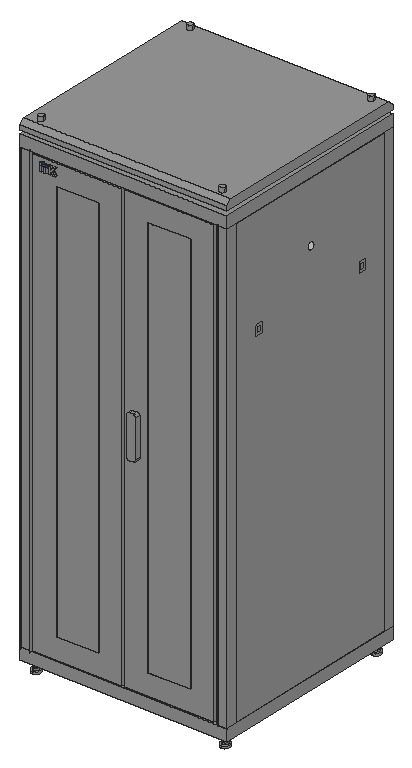
Revit family "ITK_Шкаф сетевой_Напольный_18U-47U", category Электрооборудование, Revit 2019 (continued)
Definition of nested family "Комплект двери перфорированной распашной_ITK"
  Definition of nested family "Логотип_ITK"
    Forms (mm)
      Extrusion 2, solid
        sketch origin (0, 0, 0) x (1, 0, 0) y (0, 1, 0)
          loop
            line (8.482, 29.41) -> (8.482, 0) -> (16.233, 0) -> (16.233, 11.027) -> (19.197, 11.027) -> (26.358, 0) -> (35.802, 0) -> (25.102, 14.728) -> (35.802, 29.41) -> (26.358, 29.41) -> (19.197, 18.383) -> (16.233, 18.383) -> (16.233, 29.41) -> (8.482, 29.41)
        from 0 to 7
      Extrusion 3, solid
        sketch origin (0, 0, 0) x (1, 0, 0) y (0, 1, 0)
          loop
            line (-13.581, 29.41) -> (-13.581, 21.431) -> (5.915, 21.431) -> (5.915, 29.41) -> (-13.581, 29.41)
        from 0 to 7
    Dimensions and locks
      aligned and locked: plane 2 to Extrusion 1
      aligned and locked: level to Extrusion 1
  Definition of nested family "Ручка_ITK"
    Parameters (values of type "Ручка_ITK")
      Default Elevation = 1219.2 mm
      Материал = none
    Reference planes
      plane 1 "По центру (Вперед/Назад)": y = 0
      plane 2: z = 0
      plane 3 "По центру (Влево/Вправо)": x = 0
    Forms (mm)
      Extrusion 1, solid
        sketch origin (0, 0, 0) x (1, 0, 0) y (0, 1, 0)
          loop
            line (-1219.2, 1219.2) -> (-1219.2, -1219.2) -> (1219.2, -1219.2) -> (1219.2, 1219.2) -> (-1219.2, 1219.2)
        from 0 to -304.8
      Extrusion 2, solid
        sketch origin (0, 0, 0) x (1, 0, 0) y (0, 1, 0)
          loop
            arc (-7.5, 82.5) -> (-14.571, 79.571) -> (-17.5, 72.5) r 10
            line (-17.5, 72.5) -> (-17.5, -72.5)
            arc (-17.5, -72.5) -> (-14.571, -79.571) -> (-7.5, -82.5) r 10
            line (-7.5, -82.5) -> (7.5, -82.5)
            arc (7.5, -82.5) -> (14.571, -79.571) -> (17.5, -72.5) r 10
            line (17.5, -72.5) -> (17.5, 72.5)
            arc (17.5, 72.5) -> (14.571, 79.571) -> (7.5, 82.5) r 10
            line (7.5, 82.5) -> (-7.5, 82.5)
        from 0 to 17.5
    Dimensions and locks
      aligned and locked: plane 2 to Extrusion 1
      aligned and locked: level to Extrusion 1
Definition of nested family "Комплект двери перфорированной задней_ITK"
  Parameters (values of type "Комплект двери перфорированной задней_ITK")
    Ширина = 800 mm
    Основание = 43 mm
    Материал стекла (перфорации) = none
    Материал = none
    Крыша вентиляционная = 50 mm
    Глубина = 800 mm
    Высота общая = 1650 mm
  Reference planes
    plane 1 "По центру (Вперед/Назад)": y = 0
    plane 2: z = 0
    plane 3 "По центру (Влево/Вправо)": x = 0
    plane 4: x = -400
    plane 5: x = 400
    plane 6: y = 400
    plane 7: y = -400
    plane 8: y = -380
    plane 9 "Дверь-4": z = 93
    plane 10: z = 1650
    plane 11: z = 43
    plane 12: z = 846.5
    plane 13: z = 1600
    plane 14 "Дверь-2": z = 1550
    plane 15 "Дверь-1": x = -350
    plane 16 "Дверь-3": x = 350
    plane 17 "Стекло-1": z = 1490
    plane 18 "Стекло-3": z = 153
    plane 19 "Стекло-4": x = -257
    plane 20 "Стекло-2": x = 257
    plane 21: z = 1535
    plane 22 "Ручка": x = 300
  Forms (mm)
    Extrusion 1, solid, material <- "Материал", detail levels fine
      sketch origin (0, 0, 0) x (1, 0, 0) y (0, 0, 1)
        loop
          line (-350, 1550) -> (-350, 93) -> (350, 93) -> (350, 1550) -> (-350, 1550)
        loop
          line (-257, 1490) -> (-257, 153) -> (257, 153) -> (257, 1490) -> (-257, 1490)
      from 380 to 400
    Extrusion 2, solid, material <- "Материал стекла (перфорации)", detail levels fine
      sketch origin (0, 0, 0) x (1, 0, 0) y (0, 0, 1)
        loop
          line (-257, 153) -> (257, 153) -> (257, 1490) -> (-257, 1490) -> (-257, 153)
      from 380 to 400
  Dimensions and locks
    equal spacing: plane 7, plane 1 "По центру (Вперед/Назад)", plane 6
    equal spacing: plane 4, plane 3 "По центру (Влево/Вправо)", plane 5
    "Ширина": plane 4 to plane 5
    "Глубина": plane 7 to plane 6
    locked: plane 7 to plane 8 at 20
    "Основание": plane 11 to plane 2
    equal spacing: plane 10, plane 12, plane 11
    "Высота общая": plane 10 to plane 2
    "Крыша вентиляционная": plane 10 to plane 13
    locked: plane 9 "Дверь-4" to plane 11 at 50
    locked: plane 13 to plane 14 "Дверь-2" at 50
    locked: plane 15 "Дверь-1" to plane 4 at 50
    locked: plane 16 "Дверь-3" to plane 5 at 50
    locked: plane 14 "Дверь-2" to plane 17 "Стекло-1" at 60
    locked: plane 18 "Стекло-3" to plane 9 "Дверь-4" at 60
    locked: plane 19 "Стекло-4" to plane 15 "Дверь-1" at 93
    locked: plane 16 "Дверь-3" to plane 20 "Стекло-2" at 93
    locked: plane 14 "Дверь-2" to plane 21 at 15
    locked: plane 16 "Дверь-3" to plane 22 "Ручка" at 50
    aligned and locked: level to plane 2
    aligned and locked: Extrusion 1 sketch curve to plane 15 "Дверь-1"
    aligned and locked: Extrusion 1 sketch curve to plane 14 "Дверь-2"
    aligned and locked: Extrusion 1 sketch curve to plane 16 "Дверь-3"
    aligned and locked: Extrusion 1 sketch curve to plane 9 "Дверь-4"
    aligned and locked: Extrusion 1 sketch curve to plane 19 "Стекло-4"
    aligned and locked: Extrusion 1 sketch curve to plane 17 "Стекло-1"
    aligned and locked: Extrusion 1 sketch curve to plane 20 "Стекло-2"
    aligned and locked: Extrusion 1 sketch curve to plane 18 "Стекло-3"
    aligned and locked: plane 7 to Extrusion 1
    aligned and locked: Extrusion 1 to plane 8
    aligned and locked: plane 7 to Extrusion 2
    aligned and locked: Extrusion 2 to plane 8
    aligned and locked: nested 1 to plane 12
    aligned and locked: plane 22 "Ручка" to nested 1
  Automatic sketch dimensions
    Extrusion 2 sketch curve to plane 17 "Стекло-1" = 0 mm
    plane 19 "Стекло-4" to Extrusion 2 sketch curve = 0 mm
    plane 18 "Стекло-3" to Extrusion 2 sketch curve = 0 mm
    Extrusion 2 sketch curve to plane 20 "Стекло-2" = 0 mm
  Nested families
    nested 1: "Ручка_ITK" at (300, -400, 846.5) x (1, 0, 0) z (0, -1, 0), type "Ручка_ITK"
  Definition of nested family "Ручка_ITK"
    Parameters (values of type "Ручка_ITK")
      Default Elevation = 1219.2 mm
      Материал = none
    Reference planes
      plane 1 "По центру (Вперед/Назад)": y = 0
      plane 2: z = 0
      plane 3 "По центру (Влево/Вправо)": x = 0
    Forms (mm)
      Extrusion 1, solid
        sketch origin (0, 0, 0) x (1, 0, 0) y (0, 1, 0)
          loop
            line (-1219.2, 1219.2) -> (-1219.2, -1219.2) -> (1219.2, -1219.2) -> (1219.2, 1219.2) -> (-1219.2, 1219.2)
        from 0 to -304.8
      Extrusion 2, solid
        sketch origin (0, 0, 0) x (1, 0, 0) y (0, 1, 0)
          loop
            arc (-7.5, 82.5) -> (-14.571, 79.571) -> (-17.5, 72.5) r 10
            line (-17.5, 72.5) -> (-17.5, -72.5)
            arc (-17.5, -72.5) -> (-14.571, -79.571) -> (-7.5, -82.5) r 10
            line (-7.5, -82.5) -> (7.5, -82.5)
            arc (7.5, -82.5) -> (14.571, -79.571) -> (17.5, -72.5) r 10
            line (17.5, -72.5) -> (17.5, 72.5)
            arc (17.5, 72.5) -> (14.571, 79.571) -> (7.5, 82.5) r 10
            line (7.5, 82.5) -> (-7.5, 82.5)
        from 0 to 17.5
    Dimensions and locks
      aligned and locked: plane 2 to Extrusion 1
      aligned and locked: level to Extrusion 1
Definition of nested family "Комплект двери перфорированной_ITK"
  Parameters (values of type "Комплект двери перфорированной_ITK")
    Ширина = 800 mm
    Основание = 43 mm
    Материал стекла (перворации) = none
    Материал = none
    Крыша вентиляционная = 50 mm
    Глубина = 800 mm
    Высота общая = 1650 mm
  Reference planes
    plane 1 "По центру (Вперед/Назад)": y = 0
    plane 2: z = 0
    plane 3 "По центру (Влево/Вправо)": x = 0
    plane 4: x = -400
    plane 5: x = 400
    plane 6: y = 400
    plane 7: y = -400
    plane 8: y = -380
    plane 9 "Дверь-4": z = 93
    plane 10: z = 1650
    plane 11: z = 43
    plane 12: z = 846.5
    plane 13: x = -300
    plane 14: z = 1600
    plane 15 "Дверь-2": z = 1550
    plane 16 "Дверь-1": x = -350
    plane 17 "Дверь-3": x = 350
    plane 18 "Стекло-1": z = 1490
    plane 19 "Стекло-3": z = 153
    plane 20 "Стекло-4": x = -257
    plane 21 "Стекло-2": x = 257
    plane 22: z = 1535
  Forms (mm)
    Extrusion 1, solid, material <- "Материал", detail levels fine
      sketch origin (0, 0, 0) x (1, 0, 0) y (0, 0, 1)
        loop
          line (-350, 1550) -> (-350, 93) -> (350, 93) -> (350, 1550) -> (-350, 1550)
        loop
          line (-257, 1490) -> (-257, 153) -> (257, 153) -> (257, 1490) -> (-257, 1490)
      from 380 to 400
    Extrusion 2, solid, material <- "Материал стекла (перворации)", detail levels fine
      sketch origin (0, 0, 0) x (1, 0, 0) y (0, 0, 1)
        loop
          line (-257, 153) -> (257, 153) -> (257, 1490) -> (-257, 1490) -> (-257, 153)
      from 380 to 400
  Dimensions and locks
    equal spacing: plane 7, plane 1 "По центру (Вперед/Назад)", plane 6
    equal spacing: plane 4, plane 3 "По центру (Влево/Вправо)", plane 5
    "Ширина": plane 4 to plane 5
    "Глубина": plane 7 to plane 6
    locked: plane 7 to plane 8 at 20
    "Основание": plane 11 to plane 2
    equal spacing: plane 10, plane 12, plane 11
    locked: plane 4 to plane 13 at 100
    "Высота общая": plane 10 to plane 2
    "Крыша вентиляционная": plane 10 to plane 14
    locked: plane 9 "Дверь-4" to plane 11 at 50
    locked: plane 14 to plane 15 "Дверь-2" at 50
    locked: plane 16 "Дверь-1" to plane 4 at 50
    locked: plane 17 "Дверь-3" to plane 5 at 50
    locked: plane 15 "Дверь-2" to plane 18 "Стекло-1" at 60
    locked: plane 19 "Стекло-3" to plane 9 "Дверь-4" at 60
    locked: plane 20 "Стекло-4" to plane 16 "Дверь-1" at 93
    locked: plane 17 "Дверь-3" to plane 21 "Стекло-2" at 93
    locked: plane 15 "Дверь-2" to plane 22 at 15
    aligned and locked: level to plane 2
    aligned and locked: Extrusion 1 sketch curve to plane 16 "Дверь-1"
    aligned and locked: Extrusion 1 sketch curve to plane 15 "Дверь-2"
    aligned and locked: Extrusion 1 sketch curve to plane 17 "Дверь-3"
    aligned and locked: Extrusion 1 sketch curve to plane 9 "Дверь-4"
    aligned and locked: Extrusion 1 sketch curve to plane 20 "Стекло-4"
    aligned and locked: Extrusion 1 sketch curve to plane 18 "Стекло-1"
    aligned and locked: Extrusion 1 sketch curve to plane 21 "Стекло-2"
    aligned and locked: Extrusion 1 sketch curve to plane 19 "Стекло-3"
    aligned and locked: plane 7 to Extrusion 1
    aligned and locked: Extrusion 1 to plane 8
    aligned and locked: plane 7 to Extrusion 2
    aligned and locked: Extrusion 2 to plane 8
    aligned and locked: plane 22 to nested 1
    aligned and locked: nested 1 to plane 13
    aligned and locked: plane 13 to nested 2
    aligned and locked: nested 2 to plane 12
  Automatic sketch dimensions
    Extrusion 2 sketch curve to plane 18 "Стекло-1" = 0 mm
    plane 20 "Стекло-4" to Extrusion 2 sketch curve = 0 mm
    plane 19 "Стекло-3" to Extrusion 2 sketch curve = 0 mm
    Extrusion 2 sketch curve to plane 21 "Стекло-2" = 0 mm
  Nested families
    nested 1: "Логотип_ITK" at (-292.295, -400, 1505.59) x (1, 0, 0) z (0, -1, 0), type "Логотип_ITK"
    nested 2: "Ручка_ITK" at (-300, -400, 846.5) x (1, 0, 0) z (0, -1, 0), type "Ручка_ITK"
  Definition of nested family "Логотип_ITK"
    Parameters (values of type "Логотип_ITK")
      Default Elevation = 1219.2 mm
      Материал = none
    Reference planes
      plane 1 "По центру (Вперед/Назад)": y = 0
      plane 2: z = 0
      plane 3 "По центру (Влево/Вправо)": x = 0
    Forms (mm)
      Extrusion 1, solid
        sketch origin (0, 0, 0) x (1, 0, 0) y (0, 1, 0)
          loop
            line (-1219.2, 1219.2) -> (-1219.2, -1219.2) -> (1219.2, -1219.2) -> (1219.2, 1219.2) -> (-1219.2, 1219.2)
        from 0 to -304.8
      Extrusion 2, solid
        sketch origin (0, 0, 0) x (1, 0, 0) y (0, 1, 0)
          loop
            line (-24.198, 18.809) -> (-24.198, 0) -> (-15.975, 0) -> (-15.975, 18.809) -> (-24.198, 18.809)
          loop
            line (0.039, 18.809) -> (-7.705, 18.809) -> (-7.705, 0) -> (0.039, 0) -> (0.039, 18.809)
          loop
            line (-24.198, 21.431) -> (-15.975, 21.431) -> (-15.975, 29.41) -> (-24.198, 29.41) -> (-24.198, 21.431)
          loop
            line (8.482, 29.41) -> (8.482, 0) -> (16.233, 0) -> (16.233, 11.027) -> (19.197, 11.027) -> (26.358, 0) -> (35.802, 0) -> (25.102, 14.728) -> (35.802, 29.41) -> (26.358, 29.41) -> (19.197, 18.383) -> (16.233, 18.383) -> (16.233, 29.41) -> (8.482, 29.41)
        from 0 to 7
      Extrusion 3, solid
        sketch origin (0, 0, 0) x (1, 0, 0) y (0, 1, 0)
          loop
            line (-13.581, 29.41) -> (-13.581, 21.431) -> (5.915, 21.431) -> (5.915, 29.41) -> (-13.581, 29.41)
        from 0 to 7
    Dimensions and locks
      aligned and locked: plane 2 to Extrusion 1
      aligned and locked: level to Extrusion 1
  Definition of nested family "Ручка_ITK"
    Parameters (values of type "Ручка_ITK")
      Default Elevation = 1219.2 mm
      Материал = none
    Reference planes
      plane 1 "По центру (Вперед/Назад)": y = 0
      plane 2: z = 0
      plane 3 "По центру (Влево/Вправо)": x = 0
    Forms (mm)
      Extrusion 1, solid
        sketch origin (0, 0, 0) x (1, 0, 0) y (0, 1, 0)
          loop
            line (-1219.2, 1219.2) -> (-1219.2, -1219.2) -> (1219.2, -1219.2) -> (1219.2, 1219.2) -> (-1219.2, 1219.2)
        from 0 to -304.8
      Extrusion 2, solid
        sketch origin (0, 0, 0) x (1, 0, 0) y (0, 1, 0)
          loop
            arc (-7.5, 82.5) -> (-14.571, 79.571) -> (-17.5, 72.5) r 10
            line (-17.5, 72.5) -> (-17.5, -72.5)
            arc (-17.5, -72.5) -> (-14.571, -79.571) -> (-7.5, -82.5) r 10
            line (-7.5, -82.5) -> (7.5, -82.5)
            arc (7.5, -82.5) -> (14.571, -79.571) -> (17.5, -72.5) r 10
            line (17.5, -72.5) -> (17.5, 72.5)
            arc (17.5, 72.5) -> (14.571, 79.571) -> (7.5, 82.5) r 10
            line (7.5, 82.5) -> (-7.5, 82.5)
        from 0 to 17.5
    Dimensions and locks
      aligned and locked: plane 2 to Extrusion 1
      aligned and locked: level to Extrusion 1
Definition of nested family "Комплект двери стеклянной_ITK"
  Parameters (values of type "Комплект двери стеклянной_ITK")
    Ширина = 800 mm
    Основание = 43 mm
    Материал стекла = none
    Материал = none
    Крыша вентиляционная = 50 mm
    Глубина = 800 mm
    Высота общая = 1650 mm
  Reference planes
    plane 1 "По центру (Вперед/Назад)": y = 0
    plane 2: z = 0
    plane 3 "По центру (Влево/Вправо)": x = 0
    plane 4: x = -400
    plane 5: x = 400
    plane 6: y = 400
    plane 7: y = -400
    plane 8: y = -380
    plane 9 "Дверь-4": z = 93
    plane 10: z = 1650
    plane 11: z = 43
    plane 12: z = 846.5
    plane 13: x = -300
    plane 14: z = 1600
    plane 15 "Дверь-2": z = 1550
    plane 16 "Дверь-1": x = -350
    plane 17 "Дверь-3": x = 350
    plane 18 "Стекло-1": z = 1470
    plane 19 "Стекло-3": z = 173
    plane 20 "Стекло-4": x = -157
    plane 21 "Стекло-2": x = 157
    plane 22: z = 1535
  Forms (mm)
    Extrusion 1, solid, material <- "Материал", detail levels fine
      sketch origin (0, 0, 0) x (1, 0, 0) y (0, 0, 1)
        loop
          line (-350, 1550) -> (-350, 93) -> (350, 93) -> (350, 1550) -> (-350, 1550)
        loop
          line (-157, 1430) -> (-157, 213)
          arc (-157, 213) -> (-145.284, 184.716) -> (-117, 173) r 40
          line (-117, 173) -> (117, 173)
          arc (117, 173) -> (145.284, 184.716) -> (157, 213) r 40
          line (157, 213) -> (157, 1430)
          arc (157, 1430) -> (145.284, 1458.284) -> (117, 1470) r 40
          line (117, 1470) -> (-117, 1470)
          arc (-117, 1470) -> (-145.284, 1458.284) -> (-157, 1430) r 40
      from 380 to 400
    Extrusion 2, solid, material <- "Материал стекла", detail levels fine
      sketch origin (0, 0, 0) x (1, 0, 0) y (0, 0, 1)
        loop
          arc (-157, 213) -> (-145.284, 184.716) -> (-117, 173) r 40
          line (-117, 173) -> (117, 173)
          arc (117, 173) -> (145.284, 184.716) -> (157, 213) r 40
          line (157, 213) -> (157, 1430)
          arc (157, 1430) -> (145.284, 1458.284) -> (117, 1470) r 40
          line (117, 1470) -> (-117, 1470)
          arc (-117, 1470) -> (-145.284, 1458.284) -> (-157, 1430) r 40
          line (-157, 1430) -> (-157, 213)
      from 380 to 400
  Dimensions and locks
    equal spacing: plane 7, plane 1 "По центру (Вперед/Назад)", plane 6
    equal spacing: plane 4, plane 3 "По центру (Влево/Вправо)", plane 5
    "Ширина": plane 4 to plane 5
    "Глубина": plane 7 to plane 6
    locked: plane 7 to plane 8 at 20
    "Основание": plane 11 to plane 2
    equal spacing: plane 10, plane 12, plane 11
    locked: plane 4 to plane 13 at 100
    "Высота общая": plane 10 to plane 2
    "Крыша вентиляционная": plane 10 to plane 14
    locked: plane 9 "Дверь-4" to plane 11 at 50
    locked: plane 14 to plane 15 "Дверь-2" at 50
    locked: plane 16 "Дверь-1" to plane 4 at 50
    locked: plane 17 "Дверь-3" to plane 5 at 50
    locked: plane 15 "Дверь-2" to plane 18 "Стекло-1" at 80
    locked: plane 19 "Стекло-3" to plane 9 "Дверь-4" at 80
    locked: plane 20 "Стекло-4" to plane 16 "Дверь-1" at 193
    locked: plane 17 "Дверь-3" to plane 21 "Стекло-2" at 193
    locked: plane 15 "Дверь-2" to plane 22 at 15
    aligned and locked: level to plane 2
    aligned and locked: Extrusion 1 sketch curve to plane 16 "Дверь-1"
    aligned and locked: Extrusion 1 sketch curve to plane 15 "Дверь-2"
    aligned and locked: Extrusion 1 sketch curve to plane 17 "Дверь-3"
    aligned and locked: Extrusion 1 sketch curve to plane 9 "Дверь-4"
    aligned and locked: Extrusion 1 sketch curve to plane 20 "Стекло-4"
    aligned and locked: Extrusion 1 sketch curve to plane 18 "Стекло-1"
    aligned and locked: Extrusion 1 sketch curve to plane 21 "Стекло-2"
    aligned and locked: Extrusion 1 sketch curve to plane 19 "Стекло-3"
    aligned and locked: plane 7 to Extrusion 1
    aligned and locked: Extrusion 1 to plane 8
    aligned and locked: Extrusion 2 sketch curve to Extrusion 1  (x4)
    aligned and locked: plane 7 to Extrusion 2
    aligned and locked: Extrusion 2 to plane 8
    aligned and locked: plane 22 to nested 1
    aligned and locked: nested 1 to plane 13
    aligned and locked: plane 13 to nested 2
    aligned and locked: nested 2 to plane 12
  Automatic sketch dimensions
    plane 20 "Стекло-4" to Extrusion 1 sketch curve = 40 mm
    Extrusion 1 sketch curve to plane 21 "Стекло-2" = 40 mm  (x2)
    plane 19 "Стекло-3" to Extrusion 1 sketch curve = 40 mm
  Nested families
    nested 1: "Логотип_ITK" at (-292.295, -400, 1505.59) x (1, 0, 0) z (0, -1, 0), type "Логотип_ITK"
    nested 2: "Ручка_ITK" at (-300, -400, 846.5) x (1, 0, 0) z (0, -1, 0), type "Ручка_ITK"
  Definition of nested family "Логотип_ITK"
    Parameters (values of type "Логотип_ITK")
      Default Elevation = 1219.2 mm
      Материал = none
    Reference planes
      plane 1 "По центру (Вперед/Назад)": y = 0
      plane 2: z = 0
      plane 3 "По центру (Влево/Вправо)": x = 0
    Forms (mm)
      Extrusion 1, solid
        sketch origin (0, 0, 0) x (1, 0, 0) y (0, 1, 0)
          loop
            line (-1219.2, 1219.2) -> (-1219.2, -1219.2) -> (1219.2, -1219.2) -> (1219.2, 1219.2) -> (-1219.2, 1219.2)
        from 0 to -304.8
      Extrusion 2, solid
        sketch origin (0, 0, 0) x (1, 0, 0) y (0, 1, 0)
          loop
            line (-24.198, 18.809) -> (-24.198, 0) -> (-15.975, 0) -> (-15.975, 18.809) -> (-24.198, 18.809)
          loop
            line (0.039, 18.809) -> (-7.705, 18.809) -> (-7.705, 0) -> (0.039, 0) -> (0.039, 18.809)
          loop
            line (-24.198, 21.431) -> (-15.975, 21.431) -> (-15.975, 29.41) -> (-24.198, 29.41) -> (-24.198, 21.431)
          loop
            line (8.482, 29.41) -> (8.482, 0) -> (16.233, 0) -> (16.233, 11.027) -> (19.197, 11.027) -> (26.358, 0) -> (35.802, 0) -> (25.102, 14.728) -> (35.802, 29.41) -> (26.358, 29.41) -> (19.197, 18.383) -> (16.233, 18.383) -> (16.233, 29.41) -> (8.482, 29.41)
        from 0 to 7
      Extrusion 3, solid
        sketch origin (0, 0, 0) x (1, 0, 0) y (0, 1, 0)
          loop
            line (-13.581, 29.41) -> (-13.581, 21.431) -> (5.915, 21.431) -> (5.915, 29.41) -> (-13.581, 29.41)
        from 0 to 7
    Dimensions and locks
      aligned and locked: plane 2 to Extrusion 1
      aligned and locked: level to Extrusion 1
  Definition of nested family "Ручка_ITK"
    Parameters (values of type "Ручка_ITK")
      Default Elevation = 1219.2 mm
      Материал = none
    Reference planes
      plane 1 "По центру (Вперед/Назад)": y = 0
      plane 2: z = 0
      plane 3 "По центру (Влево/Вправо)": x = 0
    Forms (mm)
      Extrusion 1, solid
        sketch origin (0, 0, 0) x (1, 0, 0) y (0, 1, 0)
          loop
            line (-1219.2, 1219.2) -> (-1219.2, -1219.2) -> (1219.2, -1219.2) -> (1219.2, 1219.2) -> (-1219.2, 1219.2)
        from 0 to -304.8
      Extrusion 2, solid
        sketch origin (0, 0, 0) x (1, 0, 0) y (0, 1, 0)
          loop
            arc (-7.5, 82.5) -> (-14.571, 79.571) -> (-17.5, 72.5) r 10
            line (-17.5, 72.5) -> (-17.5, -72.5)
            arc (-17.5, -72.5) -> (-14.571, -79.571) -> (-7.5, -82.5) r 10
            line (-7.5, -82.5) -> (7.5, -82.5)
            arc (7.5, -82.5) -> (14.571, -79.571) -> (17.5, -72.5) r 10
            line (17.5, -72.5) -> (17.5, 72.5)
            arc (17.5, 72.5) -> (14.571, 79.571) -> (7.5, 82.5) r 10
            line (7.5, 82.5) -> (-7.5, 82.5)
        from 0 to 17.5
    Dimensions and locks
      aligned and locked: plane 2 to Extrusion 1
      aligned and locked: level to Extrusion 1
Definition of nested family "УГО_шкафа_ITK"
  Parameters (values of type "УГО однодверного шкафа")
    Вторая дверь = yes
    Ширина УГО = 800 mm
    Засечка УГО = 2 * Глубина УГО / 5  # 320 mm
    Глубина УГО = 800 mm
  Types (2): name
    УГО однодверного шкафа
    УГО двудверного шкафа
  Reference planes
    plane 1 "По центру (Вперед/Назад)": y = 0
    plane 2: z = 0
    plane 3 "По центру (Влево/Вправо)": x = 0
    plane 4: x = -400
    plane 5: x = 400
    plane 6: y = -400
    plane 7: y = -1200
    plane 8: y = 400
    plane 9 "Засечка УГО": y = -320
    plane 10: y = 320
    plane 11 "Вторая дверь": y = 1200
  Lines and regions (mm)
    symbolic lines, detail levels coarse+medium
      curve 1: line (-400, 400, 0) -> (400, 400, 0)
      curve 2: line (-400, -400, 0) -> (-400, 400, 0)
      curve 3: line (400, -400, 0) -> (-400, -400, 0)
      curve 4: line (400, 400, 0) -> (400, -400, 0)
      curve 5: line (400, -400, 0) -> (400, -1200, 0)
      curve 6: arc (400, -1200, 0) -> (-165.685, -965.685, 0) -> (-400, -400, 0) r 800
      curve 7: line (-400, -320, 0) -> (400, -320, 0)
    symbolic lines, visible <- "Вторая дверь", detail levels coarse+medium
      curve 8: line (-400, 320, 0) -> (400, 320, 0)
      curve 9: line (400, 400, 0) -> (400, 1200, 0)
      curve 10: arc (-400, 400, 0) -> (-165.685, 965.685, 0) -> (400, 1200, 0) r 800
  Dimensions and locks
    equal spacing: plane 4, plane 3 "По центру (Влево/Вправо)", plane 5
    "Ширина УГО": plane 4 to plane 5
    "Глубина УГО": plane 8 to plane 6
    "Ширина УГО": plane 6 to plane 7
    equal spacing: plane 8, plane 1 "По центру (Вперед/Назад)", plane 6
    "Засечка УГО": plane 9 "Засечка УГО" to plane 1 "По центру (Вперед/Назад)"
    "Засечка УГО": plane 1 "По центру (Вперед/Назад)" to plane 10
    "Ширина УГО": plane 11 "Вторая дверь" to plane 8
    aligned and locked: level to plane 2
    aligned and locked: plane 6 to curve 5
    aligned and locked: curve 1 to plane 8
    aligned and locked: curve 7 to plane 9 "Засечка УГО"
    aligned and locked: plane 4 to curve 7
    aligned and locked: plane 5 to curve 8
    aligned and locked: plane 4 to curve 8
    aligned and locked: curve 8 to plane 10
    aligned and locked: plane 11 "Вторая дверь" to curve 9
    aligned and locked: plane 8 to curve 9
    aligned and locked: curve 9 to plane 5
Types (40, lengths in mm): name | Степень защиты | Материал стекла (перфорации) | Материал | Комплект двери_мет_зад_ITK | Комплект двери стеклянной_ITK | Комплект двери перфорированной_ITK | Комплект двери перфорированной распашной_ITK | Комплект двери перфорированной задней_ITK | Высота общая | Высота | IEK_Цена за единицу | IEK_URL | ADSK_Наименование | ADSK_Масса | ADSK_Код изделия
  В980хШ800хГ800_Серый_2GM | "IP20" | Стекло тонированное | Окраска - RAL 7035 | yes | yes | no | no | no | 1023 | 980 | 35600.47 | "https://www.itk-group.ru/produktsiya/catalog/oborudovanie_telekommunikatsionnoe/shkafy_telekommunikatsionnye/shkafy_setevye_napolnye/shkafy_serii_linea_n/800x800mm/itk_shkaf_setevoy_napolnyy_19_linea_n_18u_800kh800mm_steklyannaya_perednyaya_dver_zadnyaya_metallicheskaya_seryy" | "ITK Шкаф сетевой 19\" LINEA N 18U В980хШ800хГ800 мм, стеклянная передняя дверь, задняя металлическая, серый" | 102.453 | "LN35-18U88-GM"
  В980хШ800хГ800_Черный_2GM | "IP20" | Стекло тонированное | Окраска - RAL 9005 | yes | yes | no | no | no | 1023 | 980 | 35600.47 | "https://www.itk-group.ru/produktsiya/catalog/oborudovanie_telekommunikatsionnoe/shkafy_telekommunikatsionnye/shkafy_setevye_napolnye/shkafy_serii_linea_n/800x800mm/itk_shkaf_setevoy_napolnyy_19_linea_n_18u_800kh800mm_steklyannaya_perednyaya_dver_zadnyaya_metallicheskaya_chernyy" | "ITK Шкаф сетевой 19\" LINEA N 18U В980хШ800хГ800 мм, стеклянная передняя дверь, задняя металлическая, черный" | 102.453 | "LN05-18U88-GM"
  В1250хШ800хГ800_Серый_2GM | "IP20" | Стекло | Окраска - RAL 7035 | yes | yes | no | no | no | 1293 | 1250 | 38217.59 | "https://www.itk-group.ru/produktsiya/catalog/oborudovanie_telekommunikatsionnoe/shkafy_telekommunikatsionnye/shkafy_setevye_napolnye/shkafy_serii_linea_n/800x800mm/itk_shkaf_setevoy_napolnyy_19_linea_n_24u_800kh800mm_steklyannaya_perednyaya_dver_zadnyaya_metallicheskaya_seryy" | "ITK Шкаф сетевой 19\" LINEA N 24U В1250хШ800хГ800 мм, стеклянная передняя дверь, задняя металлическая, серый" | 113.078 | "LN35-24U88-GM"
  В1250хШ800хГ800_Черный_2GM | "IP20" | Стекло | Окраска - RAL 9005 | yes | yes | no | no | no | 1293 | 1250 | 38217.59 | "https://www.itk-group.ru/produktsiya/catalog/oborudovanie_telekommunikatsionnoe/shkafy_telekommunikatsionnye/shkafy_setevye_napolnye/shkafy_serii_linea_n/800x800mm/itk_shkaf_setevoy_napolnyy_19_linea_n_24u_800kh800mm_steklyannaya_perednyaya_dver_zadnyaya_metallicheskaya_chernyy" | "ITK Шкаф сетевой 19\" LINEA N 24U В1250хШ800хГ800 мм, стеклянная передняя дверь, задняя металлическая, черный" | 113.078 | "LN05-24U88-GM"
  В1425хШ800хГ800_Серый_2GM | "IP20" | Стекло тонированное | Окраска - RAL 7035 | yes | yes | no | no | no | 1468 | 1425 | 43185.02 | "https://www.itk-group.ru/produktsiya/catalog/oborudovanie_telekommunikatsionnoe/shkafy_telekommunikatsionnye/shkafy_setevye_napolnye/shkafy_serii_linea_n/800x800mm/itk_shkaf_setevoy_napolnyy_19_linea_n_28u_800kh800mm_steklyannaya_perednyaya_dver_zadnyaya_metallicheskaya_seryy" | "ITK Шкаф сетевой 19\" LINEA N 28U В1425хШ800хГ800 мм, стеклянная передняя дверь, задняя металлическая, серый" | 130.284 | "LN35-28U88-GM"
  В1425хШ800хГ800_Черный_2GM | "IP20" | Стекло тонированное | Окраска - RAL 9005 | yes | yes | no | no | no | 1468 | 1425 | 43185.02 | "https://www.itk-group.ru/produktsiya/catalog/oborudovanie_telekommunikatsionnoe/shkafy_telekommunikatsionnye/shkafy_setevye_napolnye/shkafy_serii_linea_n/800x800mm/itk_shkaf_setevoy_napolnyy_19_linea_n_28u_800kh800mm_steklyannaya_perednyaya_dver_zadnyaya_metallicheskaya_chernyy" | "ITK Шкаф сетевой 19\" LINEA N 28U В1425хШ800хГ800 мм, стеклянная передняя дверь, задняя металлическая, черный" | 130.284 | "LN05-28U88-GM"
  В1650хШ800хГ800_Серый_2GM | "IP20" | Стекло | Окраска - RAL 7035 | yes | yes | no | no | no | 1693 | 1650 | 45233.82 | "https://www.itk-group.ru/produktsiya/catalog/oborudovanie_telekommunikatsionnoe/shkafy_telekommunikatsionnye/shkafy_setevye_napolnye/shkafy_serii_linea_n/800x800mm/itk_shkaf_setevoy_napolnyy_19_linea_n_33u_800kh800mm_steklyannaya_perednyaya_dver_zadnyaya_metallicheskaya_seryy" | "ITK Шкаф сетевой 19\" LINEA N 33U В1650хШ800хГ800 мм, стеклянная передняя дверь, задняя металлическая, серый" | 139.8 | "LN35-33U88-GM"
  В1650хШ800хГ800_Черный_2GM | "IP20" | Стекло | Окраска - RAL 9005 | yes | yes | no | no | no | 1693 | 1650 | 45233.82 | "https://www.itk-group.ru/produktsiya/catalog/oborudovanie_telekommunikatsionnoe/shkafy_telekommunikatsionnye/shkafy_setevye_napolnye/shkafy_serii_linea_n/800x800mm/itk_shkaf_setevoy_napolnyy_19_linea_n_33u_800kh800mm_steklyannaya_perednyaya_dver_zadnyaya_metallicheskaya_chernyy" | "ITK Шкаф сетевой 19\" LINEA N 33U В1650хШ800хГ800 мм, стеклянная передняя дверь, задняя металлическая, черный" | 139.8 | "LN05-33U88-GM"
  В1870хШ800хГ800_Серый_2GM | "IP20" | Стекло тонированное | Окраска - RAL 7035 | yes | yes | no | no | no | 1913 | 1870 | 48849.86 | "https://www.itk-group.ru/produktsiya/catalog/oborudovanie_telekommunikatsionnoe/shkafy_telekommunikatsionnye/shkafy_setevye_napolnye/shkafy_serii_linea_n/800x800mm/itk_shkaf_setevoy_napolnyy_19_linea_n_38u_800kh800mm_steklyannaya_perednyaya_dver_zadnyaya_metallicheskaya_seryy" | "ITK Шкаф сетевой 19\" LINEA N 38U В1870хШ800хГ800 мм, стеклянная передняя дверь, задняя металлическая, серый" | 149.758 | "LN35-38U88-GM"
  В1870хШ800хГ800_Черный_2GM | "IP20" | Стекло тонированное | Окраска - RAL 9005 | yes | yes | no | no | no | 1913 | 1870 | 48849.86 | "https://www.itk-group.ru/produktsiya/catalog/oborudovanie_telekommunikatsionnoe/shkafy_telekommunikatsionnye/shkafy_setevye_napolnye/shkafy_serii_linea_n/800x800mm/itk_shkaf_setevoy_napolnyy_19_linea_n_38u_800kh800mm_steklyannaya_perednyaya_dver_zadnyaya_metallicheskaya_chernyy" | "ITK Шкаф сетевой 19\" LINEA N 38U В1870хШ800хГ800 мм, стеклянная передняя дверь, задняя металлическая, черный" | 149.758 | "LN05-38U88-GM"
  В2055хШ800хГ800_Серый_2GM | "IP20" | Стекло | Окраска - RAL 7035 | yes | yes | no | no | no | 2098 | 2055 | 49089.91 | "https://www.itk-group.ru/produktsiya/catalog/oborudovanie_telekommunikatsionnoe/shkafy_telekommunikatsionnye/shkafy_setevye_napolnye/shkafy_serii_linea_n/800x800mm/itk_shkaf_setevoy_napolnyy_19_linea_n_42u_800kh800mm_steklyannaya_perednyaya_dver_zadnyaya_metallicheskaya_seryy" | "ITK Шкаф сетевой 19\" LINEA N 42U В2055хШ800хГ800 мм, стеклянная передняя дверь, задняя металлическая, серый" | 158.5 | "LN35-42U88-GM"
  В2055хШ800хГ800_Черный_2GM | "IP20" | Стекло | Окраска - RAL 9005 | yes | yes | no | no | no | 2098 | 2055 | 49089.91 | "https://www.itk-group.ru/produktsiya/catalog/oborudovanie_telekommunikatsionnoe/shkafy_telekommunikatsionnye/shkafy_setevye_napolnye/shkafy_serii_linea_n/800x800mm/itk_shkaf_setevoy_napolnyy_19_linea_n_42u_800kh800mm_steklyannaya_perednyaya_dver_zadnyaya_metallicheskaya_chernyy" | "ITK Шкаф сетевой 19\" LINEA N 42U В2055хШ800хГ800 мм, стеклянная передняя дверь, задняя металлическая, черный" | 158.5 | "LN05-42U88-GM"
  В2270хШ800хГ800_Серый_2GM | "IP20" | Стекло тонированное | Окраска - RAL 7035 | yes | yes | no | no | no | 2313 | 2270 | 51632.4 | "https://www.itk-group.ru/produktsiya/catalog/oborudovanie_telekommunikatsionnoe/shkafy_telekommunikatsionnye/shkafy_setevye_napolnye/shkafy_serii_linea_n/800x800mm/itk_shkaf_setevoy_napolnyy_19_linea_n_47u_800kh800mm_steklyannaya_perednyaya_dver_zadnyaya_metallicheskaya_seryy" | "ITK Шкаф сетевой 19\" LINEA N 47U В2270хШ800хГ800 мм, стеклянная передняя дверь, задняя металлическая, серый" | 176.962 | "LN35-47U88-GM"
  В2270хШ800хГ800_Черный_2GM | "IP20" | Стекло тонированное | Окраска - RAL 9005 | yes | yes | no | no | no | 2313 | 2270 | 51632.4 | "https://www.itk-group.ru/produktsiya/catalog/oborudovanie_telekommunikatsionnoe/shkafy_telekommunikatsionnye/shkafy_setevye_napolnye/shkafy_serii_linea_n/800x800mm/itk_shkaf_setevoy_napolnyy_19_linea_n_47u_800kh800mm_steklyannaya_perednyaya_dver_zadnyaya_metallicheskaya_chernyy" | "ITK Шкаф сетевой 19\" LINEA N 47U В2270хШ800хГ800 мм, стеклянная передняя дверь, задняя металлическая, черный" | 176.962 | "LN05-47U88-GM"
  В980хШ800хГ800_Серый_2PM | "IP00" | Окраска - RAL 7035 перфорация | Окраска - RAL 7035 | yes | no | yes | no | no | 1023 | 980 | 34665.48 | "https://www.itk-group.ru/produktsiya/catalog/oborudovanie_telekommunikatsionnoe/shkafy_telekommunikatsionnye/shkafy_setevye_napolnye/shkafy_serii_linea_n/800x800mm/itk_shkaf_setevoy_napolnyy_19_linea_n_18u_800kh800mm_perforirovannaya_perednyaya_dver_zadnyaya_metallicheskaya_seryy" | "ITK Шкаф сетевой 19\" LINEA N 18U В980хШ800хГ800 мм, перфорированная передняя дверь, задняя металлическая, серый" | 99.483 | "LN35-18U88-PM"
  В980хШ800хГ800_Черный_2PM | "IP00" | Окраска - RAL 9005 перфорация | Окраска - RAL 9005 | yes | no | yes | no | no | 1023 | 980 | 34665.48 | "https://www.itk-group.ru/produktsiya/catalog/oborudovanie_telekommunikatsionnoe/shkafy_telekommunikatsionnye/shkafy_setevye_napolnye/shkafy_serii_linea_n/800x800mm/itk_shkaf_setevoy_napolnyy_19_linea_n_18u_800kh800mm_perforirovannaya_perednyaya_dver_zadnyaya_metallicheskaya_chernyy" | "ITK Шкаф сетевой 19\" LINEA N 18U В980хШ800хГ800 мм, перфорированная передняя дверь, задняя металлическая, черный" | 99.483 | "LN05-18U88-PM"
  В1250хШ800хГ800_Серый_2PM | "IP00" | Окраска - RAL 7035 перфорация | Окраска - RAL 7035 | yes | no | yes | no | no | 1293 | 1250 | 37720.54 | "https://www.itk-group.ru/produktsiya/catalog/oborudovanie_telekommunikatsionnoe/shkafy_telekommunikatsionnye/shkafy_setevye_napolnye/shkafy_serii_linea_n/800x800mm/itk_shkaf_setevoy_napolnyy_19_linea_n_24u_800kh800mm_perforirovannaya_perednyaya_dver_zadnyaya_metallicheskaya_seryy" | "ITK Шкаф сетевой 19\" LINEA N 24U В1250хШ800хГ800 мм, перфорированная передняя дверь, задняя металлическая, серый" | 109.118 | "LN35-24U88-PM"
  В1250хШ800хГ800_Черный_2PM | "IP00" | Окраска - RAL 9005 перфорация | Окраска - RAL 9005 | yes | no | yes | no | no | 1293 | 1250 | 37720.54 | "https://www.itk-group.ru/produktsiya/catalog/oborudovanie_telekommunikatsionnoe/shkafy_telekommunikatsionnye/shkafy_setevye_napolnye/shkafy_serii_linea_n/800x800mm/itk_shkaf_setevoy_napolnyy_19_linea_n_24u_800kh800mm_perforirovannaya_perednyaya_dver_zadnyaya_metallicheskaya_chernyy" | "ITK Шкаф сетевой 19\" LINEA N 24U В1250хШ800хГ800 мм, перфорированная передняя дверь, задняя металлическая, черный" | 109.118 | "LN05-24U88-PM"
  В1425хШ800хГ800_Серый_2PM | "IP20" | Окраска - RAL 7035 перфорация | Окраска - RAL 7035 | yes | no | yes | no | no | 1468 | 1425 | 40921.68 | "https://www.itk-group.ru/produktsiya/catalog/oborudovanie_telekommunikatsionnoe/shkafy_telekommunikatsionnye/shkafy_setevye_napolnye/shkafy_serii_linea_n/800x800mm/itk_shkaf_setevoy_napolnyy_19_linea_n_28u_800kh800mm_perforirovannaya_perednyaya_dver_zadnyaya_metallicheskaya_seryy" | "ITK Шкаф сетевой 19\" LINEA N 28U В1425хШ800хГ800 мм, перфорированная передняя дверь, задняя металлическая, серый" | 125.664 | "LN35-28U88-PM"
  В1425хШ800хГ800_Черный_2PM | "IP00" | Окраска - RAL 9005 перфорация | Окраска - RAL 9005 | yes | no | yes | no | no | 1468 | 1425 | 40921.68 | "https://www.itk-group.ru/produktsiya/catalog/oborudovanie_telekommunikatsionnoe/shkafy_telekommunikatsionnye/shkafy_setevye_napolnye/shkafy_serii_linea_n/800x800mm/itk_shkaf_setevoy_napolnyy_19_linea_n_28u_800kh800mm_perforirovannaya_perednyaya_dver_zadnyaya_metallicheskaya_chernyy" | "ITK Шкаф сетевой 19\" LINEA N 28U В1425хШ800хГ800 мм, перфорированная передняя дверь, задняя металлическая, черный" | 125.664 | "LN05-28U88-PM"
  В1650хШ800хГ800_Серый_2PM | "IP00" | Окраска - RAL 7035 перфорация | Окраска - RAL 7035 | yes | no | yes | no | no | 1693 | 1650 | 42351.43 | "https://www.itk-group.ru/produktsiya/catalog/oborudovanie_telekommunikatsionnoe/shkafy_telekommunikatsionnye/shkafy_setevye_napolnye/shkafy_serii_linea_n/800x800mm/itk_shkaf_setevoy_napolnyy_19_linea_n_33u_800kh800mm_perforirovannaya_perednyaya_dver_zadnyaya_metallicheskaya_seryy" | "ITK Шкаф сетевой 19\" LINEA N 33U В1650хШ800хГ800 мм, перфорированная передняя дверь, задняя металлическая, серый" | 134.414 | "LN35-33U88-PM"
  В1650хШ800хГ800_Черный_2PM | "IP00" | Окраска - RAL 9005 перфорация | Окраска - RAL 9005 | yes | no | yes | no | no | 1693 | 1650 | 42351.43 | "https://www.itk-group.ru/produktsiya/catalog/oborudovanie_telekommunikatsionnoe/shkafy_telekommunikatsionnye/shkafy_setevye_napolnye/shkafy_serii_linea_n/800x800mm/itk_shkaf_setevoy_napolnyy_19_linea_n_33u_800kh800mm_perforirovannaya_perednyaya_dver_zadnyaya_metallicheskaya_chernyy" | "ITK Шкаф сетевой 19\" LINEA N 33U В1650хШ800хГ800 мм, перфорированная передняя дверь, задняя металлическая, черный" | 134.414 | "LN05-33U88-PM"
  В1870хШ800хГ800_Серый_2PM | "IP00" | Окраска - RAL 7035 перфорация | Окраска - RAL 7035 | yes | no | yes | no | no | 1913 | 1870 | 45520.42 | "https://www.itk-group.ru/produktsiya/catalog/oborudovanie_telekommunikatsionnoe/shkafy_telekommunikatsionnye/shkafy_setevye_napolnye/shkafy_serii_linea_n/800x800mm/itk_shkaf_setevoy_napolnyy_19_linea_n_38u_800kh800mm_perforirovannaya_perednyaya_dver_zadnyaya_metallicheskaya_seryy" | "ITK Шкаф сетевой 19\" LINEA N 38U В1870хШ800хГ800 мм, перфорированная передняя дверь, задняя металлическая, серый" | 143.488 | "LN35-38U88-PM"
  В1870хШ800хГ800_Черный_2PM | "IP00" | Окраска - RAL 9005 перфорация | Окраска - RAL 9005 | yes | no | yes | no | no | 1913 | 1870 | 45520.42 | "https://www.itk-group.ru/produktsiya/catalog/oborudovanie_telekommunikatsionnoe/shkafy_telekommunikatsionnye/shkafy_setevye_napolnye/shkafy_serii_linea_n/800x800mm/itk_shkaf_setevoy_napolnyy_19_linea_n_38u_800kh800mm_perforirovannaya_perednyaya_dver_zadnyaya_metallicheskaya_chernyy" | "ITK Шкаф сетевой 19\" LINEA N 38U В1870хШ800хГ800 мм, перфорированная передняя дверь, задняя металлическая, черный" | 143.488 | "LN05-38U88-PM"
  В2055хШ800хГ800_Серый_2PM | "IP00" | Окраска - RAL 7035 перфорация | Окраска - RAL 7035 | yes | no | yes | no | no | 2098 | 2055 | 47110.49 | "https://www.itk-group.ru/produktsiya/catalog/oborudovanie_telekommunikatsionnoe/shkafy_telekommunikatsionnye/shkafy_setevye_napolnye/shkafy_serii_linea_n/800x800mm/itk_shkaf_setevoy_napolnyy_19_linea_n_42u_800kh800mm_perforirovannaya_perednyaya_dver_zadnyaya_metallicheskaya_seryy" | "ITK Шкаф сетевой 19\" LINEA N 42U В2055хШ800хГ800 мм, перфорированная передняя дверь, задняя металлическая, серый" | 150.4 | "LN35-42U88-PM"
  В2055хШ800хГ800_Черный_2PM | "IP00" | Окраска - RAL 9005 перфорация | Окраска - RAL 9005 | yes | no | yes | no | no | 2098 | 2055 | 47110.49 | "https://www.itk-group.ru/produktsiya/catalog/oborudovanie_telekommunikatsionnoe/shkafy_telekommunikatsionnye/shkafy_setevye_napolnye/shkafy_serii_linea_n/800x800mm/itk_shkaf_setevoy_napolnyy_19_linea_n_42u_800kh800mm_perforirovannaya_perednyaya_dver_zadnyaya_metallicheskaya_chernyy" | "ITK Шкаф сетевой 19\" LINEA N 42U В2055хШ800хГ800 мм, перфорированная передняя дверь, задняя металлическая, черный" | 150.4 | "LN05-42U88-PM"
  В2270хШ800хГ800_Серый_2PM | "IP00" | Окраска - RAL 7035 перфорация | Окраска - RAL 7035 | yes | no | yes | no | no | 2313 | 2270 | 47885.56 | "https://www.itk-group.ru/produktsiya/catalog/oborudovanie_telekommunikatsionnoe/shkafy_telekommunikatsionnye/shkafy_setevye_napolnye/shkafy_serii_linea_n/800x800mm/itk_shkaf_setevoy_napolnyy_19_linea_n_47u_800kh800mm_perforirovannaya_perednyaya_dver_zadnyaya_metallicheskaya_seryy" | "ITK Шкаф сетевой 19\" LINEA N 47U В2270хШ800хГ800 мм, перфорированная передняя дверь, задняя металлическая, серый" | 159.482 | "LN35-47U88-PM"
  В2270хШ800хГ800_Черный_2PM | "IP00" | Окраска - RAL 9005 перфорация | Окраска - RAL 9005 | yes | no | yes | no | no | 2313 | 2270 | 47885.56 | "https://www.itk-group.ru/produktsiya/catalog/oborudovanie_telekommunikatsionnoe/shkafy_telekommunikatsionnye/shkafy_setevye_napolnye/shkafy_serii_linea_n/800x800mm/itk_shkaf_setevoy_napolnyy_19_linea_n_47u_800kh800mm_perforirovannaya_perednyaya_dver_zadnyaya_metallicheskaya_chernyy" | "ITK Шкаф сетевой 19\" LINEA N 47U В2270хШ800хГ800 мм, перфорированная передняя дверь, задняя металлическая, черный" | 159.482 | "LN05-47U88-PM"
  В1250хШ800хГ800_Серый_2PP | "IP00" | Окраска - RAL 7035 перфорация | Окраска - RAL 7035 | no | no | no | yes | yes | 1293 | 1250 | 38619.01 | "https://www.itk-group.ru/produktsiya/catalog/oborudovanie_telekommunikatsionnoe/shkafy_telekommunikatsionnye/shkafy_setevye_napolnye/shkafy_serii_linea_n/800x800mm/itk_shkaf_setevoy_napolnyy_19_linea_n_24u_800kh800mm_dvustvorchataya_perforirovannaya_dver_zadnyaya_perforirovannaya_seryy" | "ITK Шкаф сетевой 19\" LINEA N 24U В1250хШ800хГ800 мм, двустворчатая перфорированная передняя дверь, задняя перфорированная, серый" | 109.052 | "LN35-24U88-2PP"
  В1250хШ800хГ800_Черный_2PP | "IP00" | Окраска - RAL 9005 перфорация | Окраска - RAL 9005 | no | no | no | yes | yes | 1293 | 1250 | 38619.01 | "https://www.itk-group.ru/produktsiya/catalog/oborudovanie_telekommunikatsionnoe/shkafy_telekommunikatsionnye/shkafy_setevye_napolnye/shkafy_serii_linea_n/800x800mm/itk_shkaf_setevoy_napolnyy_19_linea_n_24u_800kh800mm_dvustvorchataya_perforirovannaya_dver_zadnyaya_perforirovannaya_chernyy" | "ITK Шкаф сетевой 19\" LINEA N 24U В1250хШ800хГ800 мм, двустворчатая перфорированная передняя дверь, задняя перфорированная, черный" | 109.052 | "LN05-24U88-2PP"
  В1425хШ800хГ800_Серый_2PP | "IP00" | Окраска - RAL 7035 перфорация | Окраска - RAL 7035 | no | no | no | yes | yes | 1468 | 1425 | 41756.8 | "https://www.itk-group.ru/produktsiya/catalog/oborudovanie_telekommunikatsionnoe/shkafy_telekommunikatsionnye/shkafy_setevye_napolnye/shkafy_serii_linea_n/800x800mm/itk_shkaf_setevoy_napolnyy_19_linea_n_28u_800kh800mm_dvustvorchataya_perforirovannaya_dver_zadnyaya_perforirovannaya_seryy" | "ITK Шкаф сетевой 19\" LINEA N 24U В1425хШ800хГ800 мм, двустворчатая перфорированная передняя дверь, задняя перфорированная, серый" | 125.301 | "LN35-28U88-2PP"
  В1425хШ800хГ800_Черный_2PP | "IP00" | Окраска - RAL 9005 перфорация | Окраска - RAL 9005 | no | no | no | yes | yes | 1468 | 1425 | 41756.8 | "https://www.itk-group.ru/produktsiya/catalog/oborudovanie_telekommunikatsionnoe/shkafy_telekommunikatsionnye/shkafy_setevye_napolnye/shkafy_serii_linea_n/800x800mm/itk_shkaf_setevoy_napolnyy_19_linea_n_28u_800kh800mm_dvustvorchataya_perforirovannaya_dver_zadnyaya_perforirovannaya_chernyy" | "ITK Шкаф сетевой 19\" LINEA N 24U В1425хШ800хГ800 мм, двустворчатая перфорированная передняя дверь, задняя перфорированная, черный" | 125.301 | "LN05-28U88-2PP"
  В1650хШ800хГ800_Серый_2PP | "IP00" | Окраска - RAL 7035 перфорация | Окраска - RAL 7035 | no | no | no | yes | yes | 1693 | 1650 | 44149.98 | "https://www.itk-group.ru/produktsiya/catalog/oborudovanie_telekommunikatsionnoe/shkafy_telekommunikatsionnye/shkafy_setevye_napolnye/shkafy_serii_linea_n/800x800mm/itk_shkaf_setevoy_napolnyy_19_linea_n_33u_800kh800mm_dvustvorchataya_perforirovannaya_dver_zadnyaya_perforirovannaya_seryy" | "ITK Шкаф сетевой 19\" LINEA N 24U В1650хШ800хГ800 мм, двустворчатая перфорированная передняя дверь, задняя перфорированная, серый" | 134.282 | "LN35-33U88-2PP"
  В1650хШ800хГ800_Черный_2PP | "IP00" | Окраска - RAL 9005 перфорация | Окраска - RAL 9005 | no | no | no | yes | yes | 1693 | 1650 | 44149.98 | "https://www.itk-group.ru/produktsiya/catalog/oborudovanie_telekommunikatsionnoe/shkafy_telekommunikatsionnye/shkafy_setevye_napolnye/shkafy_serii_linea_n/800x800mm/itk_shkaf_setevoy_napolnyy_19_linea_n_33u_800kh800mm_dvustvorchataya_perforirovannaya_dver_zadnyaya_perforirovannaya_chernyy" | "ITK Шкаф сетевой 19\" LINEA N 24U В1650хШ800хГ800 мм, двустворчатая перфорированная передняя дверь, задняя перфорированная, черный" | 134.282 | "LN05-33U88-2PP"
  В1870хШ800хГ800_Серый_2PP | "IP00" | Окраска - RAL 7035 перфорация | Окраска - RAL 7035 | no | no | no | yes | yes | 1913 | 1870 | 47192.04 | "https://www.itk-group.ru/produktsiya/catalog/oborudovanie_telekommunikatsionnoe/shkafy_telekommunikatsionnye/shkafy_setevye_napolnye/shkafy_serii_linea_n/800x800mm/itk_shkaf_setevoy_napolnyy_19_linea_n_38u_800kh800mm_dvustvorchataya_perforirovannaya_dver_zadnyaya_perforirovannaya_seryy" | "ITK Шкаф сетевой 19\" LINEA N 24U В1870хШ800хГ800 мм, двустворчатая перфорированная передняя дверь, задняя перфорированная, серый" | 142.861 | "LN35-38U88-2PP"
  В1870хШ800хГ800_Черный_2PP | "IP00" | Окраска - RAL 9005 перфорация | Окраска - RAL 9005 | no | no | no | yes | yes | 1913 | 1870 | 47192.04 | "https://www.itk-group.ru/produktsiya/catalog/oborudovanie_telekommunikatsionnoe/shkafy_telekommunikatsionnye/shkafy_setevye_napolnye/shkafy_serii_linea_n/800x800mm/itk_shkaf_setevoy_napolnyy_19_linea_n_38u_800kh800mm_dvustvorchataya_perforirovannaya_dver_zadnyaya_perforirovannaya_chernyy" | "ITK Шкаф сетевой 19\" LINEA N 24U В1870хШ800хГ800 мм, двустворчатая перфорированная передняя дверь, задняя перфорированная, черный" | 142.861 | "LN05-38U88-2PP"
  В2055хШ800хГ800_Серый_2PP | "IP00" | Окраска - RAL 7035 перфорация | Окраска - RAL 7035 | no | no | no | yes | yes | 2098 | 2055 | 48583.84 | "https://www.itk-group.ru/produktsiya/catalog/oborudovanie_telekommunikatsionnoe/shkafy_telekommunikatsionnye/shkafy_setevye_napolnye/shkafy_serii_linea_n/800x800mm/itk_shkaf_setevoy_napolnyy_19_linea_n_42u_800kh800mm_dvustvorchataya_perforirovannaya_dver_zadnyaya_perforirovannaya_seryy" | "ITK Шкаф сетевой 19\" LINEA N 24U В2055хШ800хГ800 мм, двустворчатая перфорированная передняя дверь, задняя перфорированная, серый" | 147.88 | "LN35-42U88-2PP"
  В2055хШ800хГ800_Черный_2PP | "IP00" | Окраска - RAL 9005 перфорация | Окраска - RAL 9005 | no | no | no | yes | yes | 2098 | 2055 | 48583.84 | "https://www.itk-group.ru/produktsiya/catalog/oborudovanie_telekommunikatsionnoe/shkafy_telekommunikatsionnye/shkafy_setevye_napolnye/shkafy_serii_linea_n/800x800mm/itk_shkaf_setevoy_napolnyy_19_linea_n_42u_800kh800mm_dvustvorchataya_perforirovannaya_dver_zadnyaya_perforirovannaya_chernyy" | "ITK Шкаф сетевой 19\" LINEA N 24U В2055хШ800хГ800 мм, двустворчатая перфорированная передняя дверь, задняя перфорированная, черный" | 147.88 | "LN05-42U88-2PP"
  В2270хШ800хГ800_Серый_2PP | "IP00" | Окраска - RAL 7035 перфорация | Окраска - RAL 7035 | no | no | no | yes | yes | 2313 | 2270 | 51918.28 | "https://www.itk-group.ru/produktsiya/catalog/oborudovanie_telekommunikatsionnoe/shkafy_telekommunikatsionnye/shkafy_setevye_napolnye/shkafy_serii_linea_n/800x800mm/itk_shkaf_setevoy_napolnyy_19_linea_n_47u_800kh800mm_dvustvorchataya_perforirovannaya_dver_zadnyaya_perforirovannaya_seryy" | "ITK Шкаф сетевой 19\" LINEA N 24U В2270хШ800хГ800 мм, двустворчатая перфорированная передняя дверь, задняя перфорированная, серый" | 145 | "LN35-47U88-2PP"
  В2270хШ800хГ800_Черный_2PP | "IP00" | Окраска - RAL 9005 перфорация | Окраска - RAL 9005 | no | no | no | yes | yes | 2313 | 2270 | 51918.28 | "https://www.itk-group.ru/produktsiya/catalog/oborudovanie_telekommunikatsionnoe/shkafy_telekommunikatsionnye/shkafy_setevye_napolnye/shkafy_serii_linea_n/800x800mm/itk_shkaf_setevoy_napolnyy_19_linea_n_47u_800kh800mm_dvustvorchataya_perforirovannaya_dver_zadnyaya_perforirovannaya_chernyy" | "ITK Шкаф сетевой 19\" LINEA N 24U В2270хШ800хГ800 мм, двустворчатая перфорированная передняя дверь, задняя перфорированная, черный" | 145 | "LN05-47U88-2PP"
